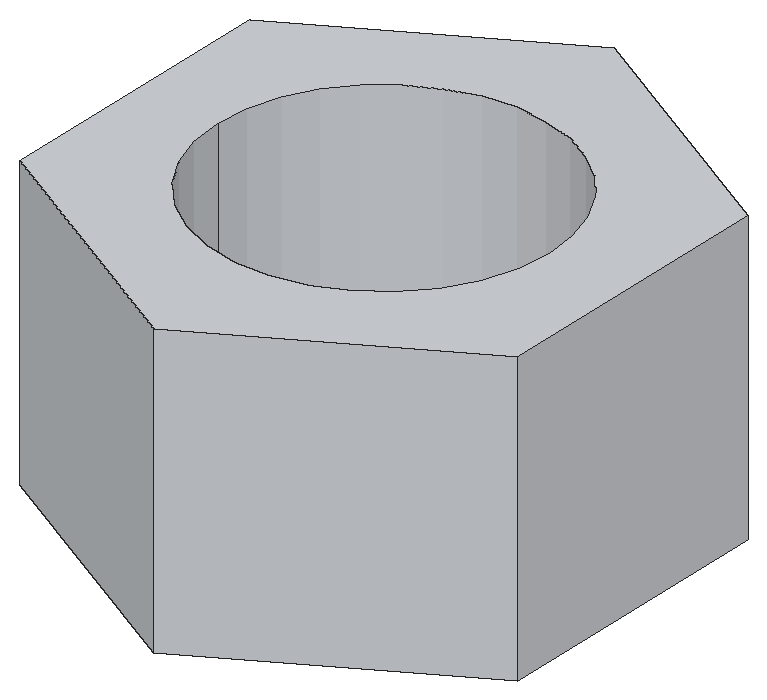
Revit family "RRHDWSHN", category Generic Models, Revit 2018
Family settings
  Can host rebar = No
  Round Connector Dimension = Use Diameter
  Part Type = Normal
  Work Plane-Based = Yes
  Always vertical = No
  Cut with Voids When Loaded = No
  Shared = Yes
  Room Calculation Point = No
Parameters (values of type "RRHDWSHN3/8")
  Ship Complete Level [instance] = ""
  Required Date [instance] = ""
  Nut Material = none
  Nominal Size = 0.375"
  Nut Width = 0.563"
  Job [instance] = ""
  Head Point Width = Nut Width * 1.1545  # 0.650"
  Nut Height = 0.328"
  Group/Run [instance] = ""
  Description = "Hex Nut Stainless 3/8-16"
  Default Elevation = 48.000"
  Custom [instance] = ""
  Catalog Number = "RRHDWSHN3/8"
  Bolt Radius = Nominal Size / 2  # 0.1875"
  Assembly Name [instance] = ""
  Assembly ID [instance] = ""
Types (2): name | Nominal Size | Nut Width | Head Point Width | Nut Height | Description | Catalog Number | Bolt Radius
  RRHDWSHN1/2 | 0.500" | 0.750" | 0.8659" | 0.438" | "Hex Nut Stainless 1/2-13" | "RRHDWSHN1/2" | 0.250"
  RRHDWSHN3/8 | 0.375" | 0.563" | 0.650" | 0.328" | "Hex Nut Stainless 3/8-16" | "RRHDWSHN3/8" | 0.1875"
Reference planes (in)
  plane 1 "Center (Front/Back)": y = 0
  plane 2: z = 0
  plane 3 "Center (Left/Right)": x = 0
  plane 4 "head right": x = 0.2815
  plane 5 "head left": x = -0.2815
  plane 6: y = 0.325
  plane 7: y = -0.325
  plane 8 "top": z = 0.328
Forms (in)
  Extrusion 1, solid, material <- "Nut Material"
    sketch origin (0, 0, 0) x (1, 0, 0) y (0, 1, 0)
      loop
        line (0.2815, 0.16252) -> (0, 0.32505) -> (-0.2815, 0.16252) -> (-0.2815, -0.16252) -> (0, -0.32505) -> (0.2815, -0.16252) -> (0.2815, 0.16252)
    from 0 to 0.328
  Extrusion 2, void
    sketch origin (0, 0, 0) x (1, 0, 0) y (0, 1, 0)
      loop
        circle (0, 0) r 0.1875
    from 0 to 0.328
Cuts and joins
  Extrusion 2 cuts Extrusion 1
Dimensions and locks (in)
  "Nut Width": plane 5 "head left" to plane 4 "head right"
  equal spacing: plane 5 "head left", plane 3 "Center (Left/Right)", plane 4 "head right"
  "Head Point Width": plane 6 to plane 7
  equal spacing: plane 6, plane 1 "Center (Front/Back)", plane 7
  "Nut Height": plane 8 "top" to level
  "Bolt Radius": radius of Extrusion 2 sketch curve
  locked: Extrusion 1 sketch curve to plane 7 (angle 30.00°)
  locked: plane 7 to Extrusion 1 sketch curve (angle 30.00°)
  locked: plane 6 to Extrusion 1 sketch curve (angle 30.00°)
  locked: Extrusion 1 sketch curve to plane 6 (angle 30.00°)
  aligned and locked: plane 2 to level
  aligned and locked: plane 4 "head right" to Extrusion 1 sketch curve
  aligned and locked: Extrusion 1 sketch curve to plane 5 "head left"
  aligned and locked: Extrusion 1 to plane 8 "top"
  aligned and locked: Extrusion 2 to plane 8 "top"
Automatic sketch dimensions
  Extrusion 1 sketch curve to plane 3 "Center (Left/Right)" = 0.000"  (x2)
  Extrusion 1 sketch curve to plane 7 = 0.00005"
  Extrusion 1 sketch curve to plane 6 = 0.00005"
  plane 1 "Center (Front/Back)" to Extrusion 2 sketch curve = 0.000"
  Extrusion 2 sketch curve to plane 3 "Center (Left/Right)" = 0.000"
